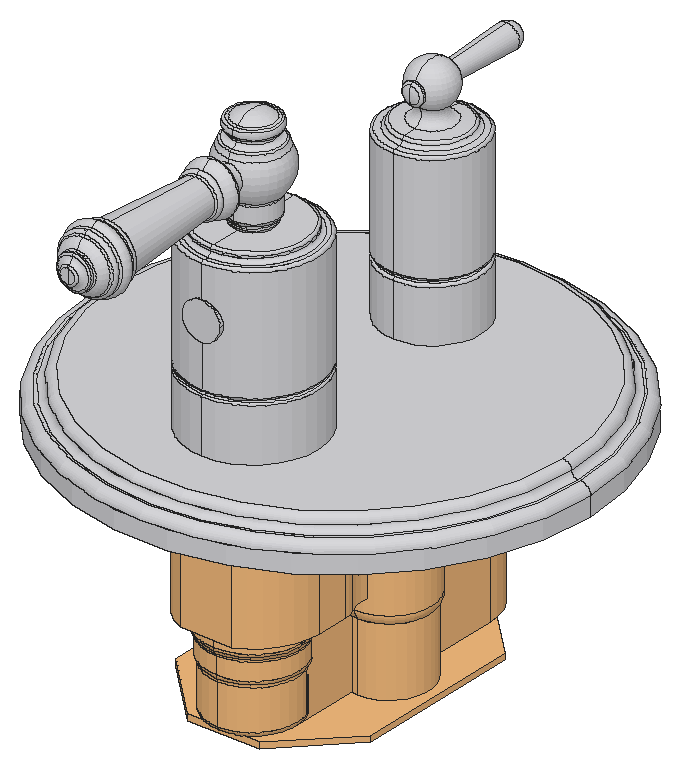
Revit family "Shower-Valve_Trim-KOHLER-MODULO-C72820W", category Plumbing Fixtures, host Face, Revit 2017 (continued)
Definition of nested family "C72820W"
  Lines and regions (in)
    symbolic lines, detail levels medium+fine
      curve 86: line (0.90625, 0, 1.33652) -> (-0.90625, 0, 1.33652)
      curve 87: line (0.81768, 0, 1.35641) -> (-0.81768, 0, 1.35641)
      curve 88: line (0.81768, 0, 1.4036) -> (0.5894, 0, 1.4036)
      curve 89: line (0.90625, 0, 1.42354) -> (-0.90625, 0, 1.42354)
      curve 90: line (0.90625, 0, 3.01961) -> (0.523, 0, 3.01961)
      curve 91: line (0.80245, 0, 3.0572) -> (0.50541, 0, 3.0572)
      curve 92: line (0.7484, 0, 3.11124) -> (0.23949, 0, 3.11124)
      curve 93: line (0.7484, 0, 3.14238) -> (0.21116, 0, 3.14238)
      curve 94: line (0.27091, 0, 3.17531) -> (0.19567, 0, 3.17531)
      curve 95: circle (0, 0, 3.53543) r 0.17864 normal (0, -1, 0)
      curve 96: line (0.6875, 0, 0.59247) -> (0.6875, 0, 1.33652)
      curve 97: line (0.5894, 0, 1.40759) -> (0.67165, 0, 1.40759)
      curve 98: line (0.6875, 0, 1.42344) -> (0.6875, 0, 2.93035)
      curve 99: line (0.5894, 0, 1.40759) -> (0.5894, 0, 1.35641)
      curve 100: arc (0.67165, 0, 1.40759) -> (0.68286, 0, 1.41223) -> (0.6875, 0, 1.42344) r 0.01585
      curve 101: line (0.65594, 0, 2.96705) -> (0.57008, 0, 2.98006)
      curve 102: line (0.48692, 0, 3.0644) -> (0.30793, 0, 3.08322)
      curve 103: arc (0.6875, 0, 2.93035) -> (0.67853, 0, 2.95455) -> (0.65594, 0, 2.96705) r 0.03712
      curve 104: arc (0.57008, 0, 2.98006) -> (0.54098, 0, 2.99322) -> (0.523, 0, 3.01961) r 0.05899
      curve 105: arc (0.52034, 0, 3.03143) -> (0.51554, 0, 3.04586) -> (0.50541, 0, 3.0572) r 0.03761
      curve 106: arc (0.30793, 0, 3.08322) -> (0.27171, 0, 3.09234) -> (0.23949, 0, 3.11124) r 0.13202
      curve 107: arc (0.23949, 0, 3.11124) -> (0.22407, 0, 3.12568) -> (0.21116, 0, 3.14238) r 0.13202
      curve 108: arc (0.21116, 0, 3.14238) -> (0.19824, 0, 3.16784) -> (0.19109, 0, 3.19548) r 0.13202
      curve 109: arc (0.523, 0, 3.01961) -> (0.52137, 0, 3.02546) -> (0.52034, 0, 3.03143) r 0.05899
      curve 110: arc (0.50541, 0, 3.0572) -> (0.49665, 0, 3.06204) -> (0.48692, 0, 3.0644) r 0.03761
      curve 111: line (-0.6875, 0, 0.59247) -> (-0.6875, 0, 1.33643)
      curve 112: line (-0.5894, 0, 1.40759) -> (-0.67135, 0, 1.40759)
      curve 113: line (-0.6875, 0, 1.42374) -> (-0.6875, 0, 2.93035)
      curve 114: line (-0.5894, 0, 1.40759) -> (-0.5894, 0, 1.35641)
      curve 115: arc (-0.67135, 0, 1.40759) -> (-0.68277, 0, 1.41232) -> (-0.6875, 0, 1.42374) r 0.01615
      curve 116: line (-0.65594, 0, 2.96705) -> (-0.57008, 0, 2.98006)
      curve 117: line (-0.48692, 0, 3.0644) -> (-0.30793, 0, 3.08322)
      curve 118: arc (-0.6875, 0, 2.93035) -> (-0.67853, 0, 2.95455) -> (-0.65594, 0, 2.96705) r 0.03712
      curve 119: arc (-0.57008, 0, 2.98006) -> (-0.54098, 0, 2.99322) -> (-0.523, 0, 3.01961) r 0.05899
      curve 120: arc (-0.52034, 0, 3.03143) -> (-0.51554, 0, 3.04586) -> (-0.50541, 0, 3.0572) r 0.03761
      curve 121: arc (-0.30793, 0, 3.08322) -> (-0.27171, 0, 3.09234) -> (-0.23949, 0, 3.11124) r 0.13202
      curve 122: arc (-0.23949, 0, 3.11124) -> (-0.22407, 0, 3.12568) -> (-0.21116, 0, 3.14238) r 0.13202
      curve 123: arc (-0.21116, 0, 3.14238) -> (-0.20227, 0, 3.15831) -> (-0.19567, 0, 3.17531) r 0.13202
      curve 124: arc (-0.523, 0, 3.01961) -> (-0.52137, 0, 3.02546) -> (-0.52034, 0, 3.03143) r 0.05899
      curve 125: arc (-0.50541, 0, 3.0572) -> (-0.49665, 0, 3.06204) -> (-0.48692, 0, 3.0644) r 0.03761
      curve 126: line (0.5894, 0, 1.40759) -> (-0.5894, 0, 1.40759)
      curve 127: line (-0.81768, 0, 1.4036) -> (-0.5894, 0, 1.4036)
      curve 128: line (-0.90625, 0, 3.01961) -> (-0.523, 0, 3.01961)
      curve 129: line (-0.80245, 0, 3.0572) -> (-0.50541, 0, 3.0572)
      curve 130: line (-0.7484, 0, 3.11124) -> (-0.23949, 0, 3.11124)
      curve 131: line (-0.7484, 0, 3.14238) -> (-0.21116, 0, 3.14238)
      curve 132: line (0.3065, 0, 4.48586) -> (-0.3065, 0, 4.48586)
      curve 133: line (0.32752, 0, 4.35413) -> (-0.32752, 0, 4.35413)
      curve 134: line (0.37527, 0, 4.23542) -> (-0.37527, 0, 4.23542)
      curve 135: line (0.34057, 0, 3.3095) -> (0.23004, 0, 3.3095)
      curve 136: line (-0.34057, 0, 3.3095) -> (-0.23004, 0, 3.3095)
      curve 137: line (-0.27091, 0, 3.17531) -> (-0.19567, 0, 3.17531)
      curve 138: line (0.6875, 0, 2.93035) -> (-0.6875, 0, 2.93035)
      curve 139: line (0.57008, 0, 2.98006) -> (-0.57008, 0, 2.98006)
      curve 140: line (0.52034, 0, 3.03143) -> (-0.52034, 0, 3.03143)
      curve 141: line (0.30793, 0, 3.08322) -> (-0.30793, 0, 3.08322)
      curve 142: line (0.8075, 0, -3.01252) -> (0.8075, 0, -0.86614)
      curve 143: line (0.74744, 0, -0.62446) -> (0.74744, 0, -0.86614)
      curve 144: spline (0.78893, 0, -0.57006) -> (0.7844, 0, -0.57247) -> (0.77997, 0, -0.57534) -> (0.77568, 0, -0.57867) -> (0.77155, 0, -0.58243) -> (0.76761, 0, -0.5866) -> (0.76389, 0, -0.59115) -> (0.76041, 0, -0.59604) -> (0.7572, 0, -0.60124) -> (0.75428, 0, -0.60673) -> (0.75167, 0, -0.61245) -> (0.74938, 0, -0.61838) -> (0.74744, 0, -0.62446)
      curve 145: line (0.78893, 0, -0.57006) -> (0.6875, 0, -0.57006)
      curve 146: line (0.31178, 0, -3.01252) -> (0.31178, 0, -0.86614)
      curve 147: line (0.8075, 0, -0.86614) -> (-0.8075, 0, -0.86614)
      curve 148: line (-1.24302, 0, -3.01252) -> (1.24302, 0, -3.01252)
      curve 149: line (1.2936, 0, -1.22986) -> (0.8075, 0, -1.22986)
      curve 150: line (1.24302, 0, -2.04881) -> (0.8075, 0, -2.04881)
      curve 151: line (0.6875, 0, -0.86614) -> (0.6875, 0, -0.08678)
      curve 152: line (0.73605, 0, -0.54415) -> (0.6875, 0, -0.54415)
      curve 153: line (0.74252, 0, -0.4529) -> (0.6875, 0, -0.4529)
      curve 154: line (-0.8075, 0, -3.01252) -> (-0.8075, 0, -0.86614)
      curve 155: line (-0.74744, 0, -0.62446) -> (-0.74744, 0, -0.86614)
      curve 156: spline (-0.78893, 0, -0.57006) -> (-0.7844, 0, -0.57247) -> (-0.77997, 0, -0.57534) -> (-0.77568, 0, -0.57867) -> (-0.77155, 0, -0.58243) -> (-0.76761, 0, -0.5866) -> (-0.76389, 0, -0.59115) -> (-0.76041, 0, -0.59604) -> (-0.7572, 0, -0.60124) -> (-0.75428, 0, -0.60673) -> (-0.75167, 0, -0.61245) -> (-0.74938, 0, -0.61838) -> (-0.74744, 0, -0.62446)
      curve 157: line (-0.78893, 0, -0.57006) -> (-0.6875, 0, -0.57006)
      curve 158: line (-0.31178, 0, -3.01252) -> (-0.31178, 0, -0.86614)
      curve 159: line (-1.2936, 0, -1.22986) -> (-0.8075, 0, -1.22986)
      curve 160: line (-1.24302, 0, -2.04881) -> (-0.8075, 0, -2.04881)
      curve 161: line (-0.73605, 0, -0.54415) -> (-0.6875, 0, -0.54415)
      curve 162: line (-0.74252, 0, -0.4529) -> (-0.6875, 0, -0.4529)
      curve 163: line (-0.6875, 0, -0.86614) -> (-0.6875, 0, -0.08678)
      curve 164: line (0.48257, 0, -3.09375) -> (0.48257, 0, -3.01252)
      curve 165: line (-0.48174, 0, -3.09375) -> (-0.48174, 0, -3.01252)
      curve 166: line (-0.32931, -3.51586, 0) -> (-0.26181, -2.55069, 0)
      curve 167: arc (-0.26, -2.42488, 0) -> (-0.30923, -2.46412, 0) -> (-0.28042, -2.52009, 0) r 0.04965
      curve 168: arc (-0.26181, -2.55069, 0) -> (-0.26625, -2.53243, 0) -> (-0.28042, -2.52009, 0) r 0.031
      curve 169: arc (-0.19373, -1.98147, 0) -> (-0.20558, -2.07631, 0) -> (-0.25118, -2.16032, 0) r 0.25772
      curve 170: arc (-0.26, -2.42488, 0) -> (-0.29675, -2.40435, 0) -> (-0.32794, -2.37608, 0) r 0.1862
      curve 171: arc (-0.35768, -2.23775, 0) -> (-0.36998, -2.24777, 0) -> (-0.37405, -2.26309, 0) r 0.02571
      curve 172: line (0.32931, -3.51586, 0) -> (0.26181, -2.55069, 0)
      curve 173: arc (0.26, -2.42488, 0) -> (0.30923, -2.46412, 0) -> (0.28042, -2.52009, 0) r 0.04965
      curve 174: arc (0.26181, -2.55069, 0) -> (0.26625, -2.53243, 0) -> (0.28042, -2.52009, 0) r 0.031
      curve 175: arc (0.19373, -1.98147, 0) -> (0.20558, -2.07631, 0) -> (0.25118, -2.16032, 0) r 0.25772
      curve 176: arc (0.26, -2.42488, 0) -> (0.29675, -2.40435, 0) -> (0.32794, -2.37608, 0) r 0.1862
      curve 177: arc (0.35768, -2.23775, 0) -> (0.36998, -2.24777, 0) -> (0.37405, -2.26309, 0) r 0.02571
      curve 178: arc (0.19373, -1.98147, 0) -> (0, -1.04112, 0) -> (-0.19373, -1.98147, 0) r 0.49013
      curve 179: circle (0, -1.53125, 0) r 0.35879 normal (0, 0, 1)
      curve 180: arc (0.31066, -2.21369, 0) -> (0, -0.78143, 0) -> (-0.31066, -2.21369, 0) r 0.74982
      curve 181: arc (0.32794, -2.37608, 0) -> (0, -0.625, 0) -> (-0.32794, -2.37608, 0) r 0.90625
      curve 182: line (-0.19373, -1.98147, 0) -> (0.19373, -1.98147, 0)
      curve 183: line (-0.26, -2.42488, 0) -> (0.26, -2.42488, 0)
      curve 184: line (0.17855, 2.93067, 0) -> (0.12585, 1.92501, 0)
      curve 185: arc (0.11979, 1.25059, 0) -> (0.06104, 1.23302, 0) -> (0, 1.22709, 0) r 0.31705
      curve 186: arc (0.15304, 1.28326, 0) -> (0.13964, 1.26365, 0) -> (0.11979, 1.25059, 0) r 0.06141
      curve 187: arc (0.14158, 1.31937, 0) -> (0.15402, 1.30345, 0) -> (0.15304, 1.28326, 0) r 0.02899
      curve 188: arc (0.13351, 1.32832, 0) -> (0.1369, 1.32327, 0) -> (0.14158, 1.31937, 0) r 0.02135
      curve 189: arc (0.13351, 1.32832, 0) -> (0.32531, 1.62918, 0) -> (0.12585, 1.92501, 0) r 0.32534
      curve 190: line (-0.17855, 2.93067, 0) -> (-0.12585, 1.92501, 0)
      curve 191: arc (-0.11979, 1.25059, 0) -> (-0.06104, 1.23302, 0) -> (0, 1.22709, 0) r 0.31705
      curve 192: arc (-0.15304, 1.28326, 0) -> (-0.13964, 1.26365, 0) -> (-0.11979, 1.25059, 0) r 0.06141
      curve 193: arc (-0.14158, 1.31937, 0) -> (-0.15402, 1.30345, 0) -> (-0.15304, 1.28326, 0) r 0.02899
      curve 194: arc (-0.13351, 1.32832, 0) -> (-0.1369, 1.32327, 0) -> (-0.14158, 1.31937, 0) r 0.02135
      curve 195: arc (-0.12585, 1.92501, 0) -> (-0.32531, 1.62918, 0) -> (-0.13351, 1.32832, 0) r 0.32534
      curve 196: line (-0.12585, 1.92501, 0) -> (0.12585, 1.92501, 0)
      curve 197: line (-0.13351, 1.32832, 0) -> (0.13351, 1.32832, 0)
      curve 198: arc (0.32235, -3.41637, 0) -> (0, 3.43154, 0) -> (-0.32235, -3.41637, 0) r 3.43154
      curve 199: arc (0.32616, -3.47085, 0) -> (0, 3.48614, 0) -> (-0.32616, -3.47085, 0) r 3.48614
      curve 200: arc (0.32068, -3.39245, 0) -> (0, 3.40757, 0) -> (-0.32068, -3.39245, 0) r 3.40757
      curve 201: arc (0.25118, -2.16032, 0) -> (0, -0.85389, 0) -> (-0.25118, -2.16032, 0) r 0.67736
      curve 202: arc (-0.14013, 2.1975, 0) -> (0, 1.0356, 0) -> (0.14013, 2.1975, 0) r 0.5894
      curve 203: arc (-0.13669, 2.13192, 0) -> (0, 1.09997, 0) -> (0.13669, 2.13192, 0) r 0.52503
      curve 204: line (-0.26181, -2.55069, 0) -> (0.26181, -2.55069, 0)
      curve 205: line (-0.38776, -4.10097, 0) -> (0.38776, -4.10097, 0)
      curve 206: line (-0.36841, -4.07503, 0) -> (0.36841, -4.07503, 0)
      curve 207: line (-0.41347, -4.1726, 0) -> (0.41347, -4.1726, 0)
      curve 208: line (-0.42374, -4.2138, 0) -> (0.42374, -4.2138, 0)
      curve 209: line (-0.42248, -4.38283, 0) -> (0.42248, -4.38283, 0)
      curve 210: line (-0.41298, -4.42258, 0) -> (0.41298, -4.42258, 0)
      curve 211: line (-0.3856, -4.49516, 0) -> (0.3856, -4.49516, 0)
      curve 212: line (-0.36349, -4.51633, 0) -> (0.36349, -4.51633, 0)
      curve 213: line (-0.24038, -4.66467, 0) -> (0.24038, -4.66467, 0)
      curve 214: line (-0.24038, -4.69653, 0) -> (0.24038, -4.69653, 0)
      curve 215: line (-0.12809, -4.81142, 0) -> (0.12805, -4.81235, 0)
      curve 216: line (-0.25608, -4.63911, 0) -> (0.25608, -4.63911, 0)
      curve 217: line (-0.14158, 1.31937, 0) -> (0.14158, 1.31937, 0)
      curve 218: arc (-0.17855, 2.93067, 0) -> (-0.13034, 3.06509, 0) -> (-0.00071, 3.125, 0) r 0.18478
      curve 219: arc (-0.00071, 3.125, 0) -> (0.1336, 3.06904, 0) -> (0.17855, 2.93067, 0) r 0.17415
      curve 220: arc (0.6875, 0, 1.33652) -> (0.68062, 0, 1.35165) -> (0.6647, 0, 1.35641) r 0.02008
      curve 221: arc (-0.6875, 0, 1.33643) -> (-0.67979, 0, 1.35245) -> (-0.66246, 0, 1.35641) r 0.02049
      curve 222: line (0, -1.87182, 3.31136) -> (0, -1.19068, 3.31136)
      curve 223: line (-0.29108, 0, 3.22899) -> (-0.19051, 0, 3.22899)
      curve 224: line (-0.29108, 0, 3.19548) -> (-0.19109, 0, 3.19548)
      curve 225: line (0.29108, 0, 3.22899) -> (0.19051, 0, 3.22899)
      curve 226: line (0.29108, 0, 3.19548) -> (0.19109, 0, 3.19548)
      curve 227: arc (0.19109, 0, 3.19548) -> (0.18973, 0, 3.21221) -> (0.19051, 0, 3.22899) r 0.13202
      curve 228: arc (0.19051, 0, 3.22899) -> (0.20323, 0, 3.2727) -> (0.23004, 0, 3.3095) r 0.13202
      curve 229: arc (-0.19051, 0, 3.22899) -> (-0.20323, 0, 3.2727) -> (-0.23004, 0, 3.3095) r 0.13202
      curve 230: arc (-0.19109, 0, 3.19548) -> (-0.18973, 0, 3.21221) -> (-0.19051, 0, 3.22899) r 0.13202
      curve 231: arc (-0.19567, 0, 3.17531) -> (-0.19298, 0, 3.1853) -> (-0.19109, 0, 3.19548) r 0.13202
      curve 232: line (0, 2.3125, -0.08678) -> (0, 0.9375, -0.08678)
      curve 233: line (0, -0.68034, -0.08678) -> (0, -2.38216, -0.08678)
      curve 234: arc (0, -2.4375, 2.59952) -> (0, -2.42101, 2.30909) -> (0, -2.4375, 2.01866) r 2.56565
      curve 235: arc (0.32794, -2.37608, 0) -> (0.36051, -2.32347, 0) -> (0.37405, -2.26309, 0) r 0.1862
      curve 236: arc (0.31066, -2.21369, 0) -> (0.33355, -2.22692, 0) -> (0.35768, -2.23775, 0) r 0.25772
      curve 237: arc (0.25118, -2.16032, 0) -> (0.27884, -2.18932, 0) -> (0.31066, -2.21369, 0) r 0.25772
      curve 238: arc (-0.25118, -2.16032, 0) -> (-0.27884, -2.18932, 0) -> (-0.31066, -2.21369, 0) r 0.25772
      curve 239: arc (-0.31066, -2.21369, 0) -> (-0.33355, -2.22692, 0) -> (-0.35768, -2.23775, 0) r 0.25772
      curve 240: arc (-0.32794, -2.37608, 0) -> (-0.36051, -2.32347, 0) -> (-0.37405, -2.26309, 0) r 0.1862
      curve 241: arc (0.6875, 1.625, 0) -> (0.48614, 1.13886, 0) -> (0, 0.9375, 0) r 0.6875
      curve 242: arc (0, 0.9375, 0) -> (-0.48614, 1.13886, 0) -> (-0.6875, 1.625, 0) r 0.6875
      curve 243: arc (-0.6875, 1.625, 0) -> (-0.53506, 2.0567, 0) -> (-0.14534, 2.29696, 0) r 0.6875
      curve 244: arc (0.6875, 1.625, 0) -> (0.53506, 2.0567, 0) -> (0.14534, 2.29696, 0) r 0.6875
      curve 252: line (0.85107, 0, -0.08678) -> (-0.85107, 0, -0.08678)
      curve 253: line (0, 1.85475, 3.31108) -> (0, 1.39525, 3.31108)
      curve 254: line (0, -1.19068, 3.53618) -> (0, -1.87182, 3.53618)
      curve 255: line (-0.30935, 0, 3.53544) -> (-0.34058, 0, 3.53544)
      curve 256: line (0.30935, 0, 3.53544) -> (0.34058, 0, 3.53544)
      curve 257: arc (0, 0, 3.84375) -> (0.2147, 0, 3.74983) -> (0.30935, 0, 3.53544) r 0.32292
      curve 258: arc (0.30935, 0, 3.53544) -> (0.29154, 0, 3.41481) -> (0.23004, 0, 3.3095) r 0.32117
      curve 259: arc (-0.30935, 0, 3.53544) -> (-0.22211, 0, 3.75726) -> (0, 0, 3.84375) r 0.29736
      curve 260: arc (-0.23004, 0, 3.3095) -> (-0.28676, 0, 3.41648) -> (-0.30935, 0, 3.53544) r 0.40528
    symbolic lines, detail levels coarse
      curve 245: line (0.44954, 0, -1.43959) -> (0.44954, 0, -1.76885)
      curve 246: line (-0.44954, 0, -1.43959) -> (-0.44954, 0, -1.76885)
      curve 247: line (0.44954, 0, -1.76885) -> (-0.44954, 0, -1.43959)
      curve 248: line (0.44954, 0, -1.43959) -> (-0.44954, 0, -1.76885)
      curve 249: line (0, 0, -1.60422) -> (0, 0, -2.10422)
      curve 250: line (-0.31178, 0, -2.10422) -> (0.31178, 0, -2.10422)
      curve 251: arc (0.31178, 0, -2.10422) -> (0, 0, -2.27541) -> (-0.31178, 0, -2.10422) r 0.36952
  Dimensions and locks (in)
    locked: plane 8 to plane 2 at 0.5925
    locked: plane 9 to plane 2 at 3.90554
    locked: plane 10 to plane 2 at 4.59375
    locked: plane 12 to plane 11 at 3.15625
    plane 11 to plane 13 = 3.30709"
    locked: plane 14 to plane 12 at 1.49606
    aligned and locked: plane 2 to level
